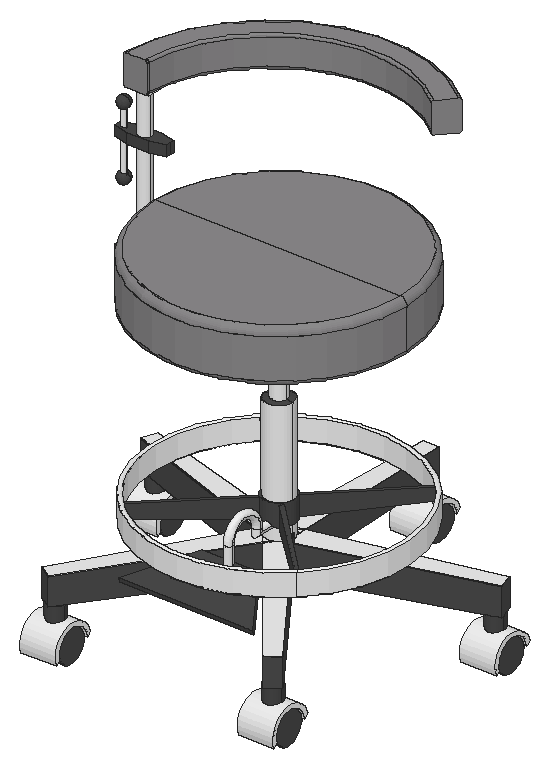
Revit family
Parameters (values of type "Classic Series Stools")
  Upholstery = Upholstery - Midmark - 232 - Shadow
  URL = "http://www.midmark.com"
  Product Page URL = "http://www.midmark.com/en-us/AnimalHealthProducts/Seating/Pages/Midmark278AirLiftSurgeonStool.aspx"
  Product Documentation Link = "http://www.midmark.com/marketing-collateral/007-0558-00.pdf"
  Model = "278"
  Manufacturer = "Midmark"
  Lift Height = Calculated Height - 0' 2"  # 1' - 4"
  Height = 1' - 6"
  Foot Ring Accessory = yes
  Description = "Classic Series Stools"
  Calculated Height = if(Height < 1' 6", 1' 6", if(Height > 2' 0 1/2", 2' 0 1/2", Height))  # 1' - 6"
  Assembly Code = "E2020"
Reference planes
  plane 1 "Center Front/Back": y = 0
  plane 2: z = 0
  plane 3 "Center Left/Right": x = 0
  plane 4: x = -205.003
  plane 5: x = 207.747
  plane 6: z = 130.726
  plane 7: z = 194.226
  plane 8: z = 50.8
  plane 9: z = 457.2
  plane 10: z = 152.4
  plane 11: x = -321.265
  plane 12: y = 348.169
  plane 13 "Front": y = -299.531
  plane 14: x = 326.435
  plane 15: z = 762
  plane 16: through (143.316, -143.316, 1219.2) normal (-0.7071, -0.7071, 0)
  plane 17 "BACK": y = 481.571
  plane 18 "FRONT": y = -402.88
  plane 19 "LEFT": x = -524.465
  plane 20 "RIGHT": x = 524.465
Forms (mm)
  Extrusion 1, solid, material "Chair - Midmark Coarse View", detail levels coarse
    sketch origin (0, 0, 0) x (1, 0, 0) y (0, 0, 1)
      loop
        line (-321.265, 762) -> (-321.265, 0) -> (326.435, 0) -> (326.435, 762) -> (-321.265, 762)
    from -348.169 to 299.531
Lines and regions (mm)
  Masking region 1, detail levels coarse
    outline origin (0, 0, 0) x (1, 0, 0) y (0, 1, 0)
      loop
        line (-321.265, 348.169) -> (-321.265, -299.531) -> (326.435, -299.531) -> (326.435, 348.169) -> (-321.265, 348.169)
  Masking region 2, detail levels coarse
    outline origin (0, 481.571, 0) x (-1, 0, 0) y (0, 0, 1)
      loop
        line (321.265, 762) -> (-326.435, 762) -> (-326.435, 0) -> (321.265, 0) -> (321.265, 762)
  Masking region 3, detail levels coarse
    outline origin (-524.465, 0, 0) x (0, -1, 0) y (0, 0, 1)
      loop
        line (-348.169, 762) -> (-348.169, 0) -> (299.531, 0) -> (299.531, 762) -> (-348.169, 762)
  Masking region 4, detail levels coarse
    outline origin (0, -402.88, 0) x (-1, 0, 0) y (0, 0, 1)
      loop
        line (321.265, 762) -> (-326.435, 762) -> (-326.435, 0) -> (321.265, 0) -> (321.265, 762)
  Masking region 5, detail levels coarse
    outline origin (524.465, 0, 0) x (0, -1, 0) y (0, 0, 1)
      loop
        line (-348.169, 762) -> (-348.169, 0) -> (299.531, 0) -> (299.531, 762) -> (-348.169, 762)
Dimensions and locks
  locked: plane 5 to plane 4 at 412.75
  plane 7 to plane 6 to plane 2 = 0' - 2 1/2", 0' - 5.14669"
  locked: plane 8 to plane 2 at 50.8
  "Calculated Height": plane 9 to plane 2
  locked: plane 10 to plane 2 at 152.4
  locked: plane 11 to plane 14 at 647.7
  "Calculated Height": nested 4 to plane 2
  locked: plane 15 to plane 9 at 304.8
  plane 11 to plane 3 "Center Left/Right" to plane 14 = 1' - 0.64825" locked, 1' - 0.85175" locked
  plane 12 to plane 1 "Center Front/Back" to plane 13 "Front" = 1' - 1.70743" locked, 0' - 11.79257" locked
  locked: plane 4 to plane 3 "Center Left/Right" at 205.003
  locked: plane 16 to nested 3 (angle 45.00°)
  locked: plane 3 "Center Left/Right" to plane 16 (angle 45.00°)
  aligned and locked: level to plane 2
  aligned: plane 3 "Center Left/Right" to nested 3
  aligned and locked: plane 3 "Center Left/Right" to nested 2
  aligned and locked: plane 3 "Center Left/Right" to nested 1
  aligned: plane 2 to nested 3
  aligned and locked: plane 1 "Center Front/Back" to nested 2
  aligned and locked: plane 1 "Center Front/Back" to nested 1
  aligned: nested 3 to plane 3 "Center Left/Right"
  aligned: plane 6 to nested 3
  aligned and locked: plane 1 "Center Front/Back" to nested 5
  aligned and locked: plane 3 "Center Left/Right" to nested 5
  aligned and locked: plane 7 to nested 5
  aligned and locked: plane 2 to nested 3
  aligned and locked: plane 8 to nested 2
  aligned: nested 4 to plane 9  (x4)
  aligned and locked: nested 4 to plane 4
  aligned: plane 1 "Center Front/Back" to nested 6
  aligned and locked: plane 10 to nested 6
  aligned and locked: nested 6 to plane 10
  aligned and locked: Masking region 1 sketch curve to plane 12
  aligned and locked: Masking region 1 sketch curve to plane 11
  aligned and locked: plane 13 "Front" to Masking region 1 sketch curve
  aligned and locked: plane 14 to Masking region 1 sketch curve
  aligned and locked: nested 1 to plane 9
  aligned and locked: nested 4 to plane 1 "Center Front/Back"
  aligned and locked: plane 1 "Center Front/Back" to nested 7
  aligned and locked: plane 3 "Center Left/Right" to nested 7
  aligned and locked: plane 9 to nested 7
  aligned and locked: nested 3 to plane 3 "Center Left/Right"
  aligned and locked: nested 3 to plane 1 "Center Front/Back"
  aligned and locked: plane 11 to Extrusion 1
  aligned and locked: plane 15 to Extrusion 1
  aligned and locked: Extrusion 1 to plane 14
  aligned and locked: Extrusion 1 to plane 2
  aligned and locked: Extrusion 1 to plane 13 "Front"
  aligned and locked: plane 12 to Extrusion 1
  aligned and locked: Masking region 2 sketch curve to plane 15
  aligned and locked: Masking region 2 sketch curve to Extrusion 1
  aligned and locked: plane 2 to Masking region 2 sketch curve
  aligned and locked: plane 14 to Masking region 2 sketch curve
  aligned and locked: Masking region 3 sketch curve to Extrusion 1  (x3)
  aligned and locked: Masking region 3 sketch curve to level
  aligned and locked: plane 16 to nested 6
  aligned and locked: Masking region 4 to plane 11
  aligned and locked: Masking region 4 to plane 15
  aligned and locked: plane 14 to Masking region 4
  aligned and locked: plane 2 to Masking region 4
  aligned and locked: plane 12 to Masking region 3
  aligned and locked: plane 15 to Masking region 3
  aligned and locked: Masking region 3 to plane 13 "Front"
  aligned and locked: Masking region 3 to plane 2
Automatic sketch dimensions
  plane 11 to Extrusion 1 sketch curve = 0' - 0"
  Extrusion 1 sketch curve to level = 0' - 0"
  plane 14 to Extrusion 1 sketch curve = 0' - 0"
  Extrusion 1 sketch curve to plane 15 = 0' - 0"
  plane 14 to Masking region 4 sketch curve = 0' - 0"
  Masking region 4 sketch curve to level = 0' - 0"
  plane 11 to Masking region 4 sketch curve = 0' - 0"
  Masking region 4 sketch curve to plane 15 = 0' - 0"
  Masking region 5 sketch curve to level = 0' - 0"
  Masking region 5 sketch curve to plane 12 = 0' - 0"
  Masking region 5 sketch curve to plane 13 "Front" = 0' - 0"
  Masking region 5 sketch curve to plane 15 = 0' - 0"
Nested families
  nested 1: "Round Cushion" at (0, 0, 457.2), type "Round Cushion"
  nested 2: "Hydralic Lift Chrome and Black" at (0, 0, 50.8), type "Hydralic Lift Chrome and Black"
    with Height 1' - 4"
  nested 3: "Feet Black Aluminum" at (0, 0, 0) x (-1, 0, 0) z (0, 0, 1), type "Feet Black Aluminum"
  nested 4: "Swing Arm Rest" at (-1.959, -15.681, 442.12), type "Swing Arm Rest"
  nested 5: "Foot Pedal" at (0, -91.168, 103.333), type "Foot Pedal"
  nested 6: "Foot Ring" at (0, 0, 151.102) x (0.7071, -0.7071, 0) z (0, 0, 1), type "Foot Ring"
  nested 7: "Air Lift No Lever" at (0, 0, 419.1), type "Air Lift No Lever"
Definition of nested family "Round Cushion"
  Parameters (values of type "Round Cushion")
    Upholstery = Upholstery - Midmark - 232 - Shadow
    Assembly Code = ""
  Reference planes
    plane 1 "Center Front/Back": y = 0
    plane 2: z = 0
    plane 3 "Center Left/Right": x = 0
    plane 4: x = -205.668
    plane 5: z = 82.55
    plane 6: x = 205.56
    plane 7: y = 204.634
    plane 8: y = -206.222
    plane 9: z = 0
  Forms (mm)
    Revolve 1, solid, material "Upholstery - Midmark - 232 - Shadow" <- "Upholstery"
      sketch origin (-0.175, -0.494, -584.2) x (1, 0, 0) y (0, 0, 1)
        loop
          arc (-205.003, 590.55) -> (-203.143, 586.06) -> (-198.653, 584.2) r 6.35
          line (-198.653, 584.2) -> (0, 584.2) -> (0, 666.75) -> (-196.111, 666.75)
          arc (-196.111, 666.75) -> (-202.559, 661.802) -> (-205.003, 654.05) r 13.515
          line (-205.003, 654.05) -> (-205.003, 590.55)
        axis (0, 666.75) -> (0, 584.2)
      angle from 0 to 360
  Lines and regions (mm)
    Masking region 1, detail levels medium+fine
      outline origin (0, 0, 0) x (1, 0, 0) y (0, 0, 1)
        loop
          arc (-205.668, 5.695) -> (-204, 1.668) -> (-199.973, 0) r 5.695
          line (-199.973, 0) -> (0, 0) -> (199.866, 0)
          arc (199.866, 0) -> (203.892, 1.668) -> (205.56, 5.695) r 5.695
          line (205.56, 5.695) -> (205.56, 69.195)
          arc (205.56, 69.195) -> (202.986, 77.35) -> (196.197, 82.55) r 14.206
          line (196.197, 82.55) -> (-0.175, 82.55) -> (-196.304, 82.55)
          arc (-196.304, 82.55) -> (-203.094, 77.35) -> (-205.668, 69.195) r 14.206
          line (-205.668, 69.195) -> (-205.668, 5.695)
    Masking region 2, detail levels coarse
      outline origin (-0.813, 0, 0) x (1, 0, 0) y (0, 0, 1)
        loop
          line (-204.856, 0) -> (206.373, 0) -> (206.373, 82.55) -> (-204.856, 82.55) -> (-204.856, 0)
    Masking region 3, detail levels coarse
      outline origin (0, 0, 0) x (0, 1, 0) y (0, 0, 1)
        loop
          line (204.634, 82.55) -> (-205.874, 82.55) -> (-205.874, 0) -> (204.634, 0) -> (204.634, 82.55)
    Masking region 4, detail levels medium+fine
      outline origin (0, 0, 0) x (0, 1, 0) y (0, 0, 1)
        loop
          line (195.728, 82.55) -> (-196.521, 82.55)
          arc (-196.521, 82.55) -> (-203.199, 79.052) -> (-205.874, 72.004) r 10.623
          line (-205.874, 72.004) -> (-205.874, 5.615)
          arc (-205.874, 5.615) -> (-204.069, 1.484) -> (-199.812, 0) r 5.632
          line (-199.812, 0) -> (199.019, 0)
          arc (199.019, 0) -> (202.989, 1.645) -> (204.634, 5.615) r 5.615
          line (204.634, 5.615) -> (204.634, 71.936)
          arc (204.634, 71.936) -> (201.67, 78.492) -> (195.728, 82.55) r 13.318
    Masking region 5, detail levels coarse
      outline origin (0, 0, 0) x (1, 0, 0) y (0, 1, 0)
        loop
          line (203.2, -205.563) -> (203.2, 203.2) -> (-203.2, 203.2) -> (-203.2, -205.563) -> (203.2, -205.563)
    Masking region 6, detail levels medium+fine
      outline origin (0, 0, 0) x (1, 0, 0) y (0, 1, 0)
        loop
          circle (0, 0) r 203.2
    symbolic lines, detail levels fine
      curve 1: circle (0, 0, 0) r 196.285 normal (0, 0, 1)
  Dimensions and locks
    aligned and locked: level to plane 2
Definition of nested family "Hydralic Lift Chrome and Black"
  Parameters (values of type "Hydralic Lift Chrome and Black")
    Top Lift Material = Chair - Midmark - Chrome
    Middle Lift Material = Chair - Midmark - Black Plastic
    Height = 1' - 10"
    Bottom Lift Material = Chair - Midmark - Chrome
    Assembly Code = ""
  Reference planes
    plane 1 "Center Front/Back": y = 0
    plane 2: z = 0
    plane 3 "Center Left/Right": x = 0
    plane 4: x = -22.257
    plane 5: x = 22.193
    plane 6: z = 558.8
    plane 7: y = 22.268
    plane 8: y = -22.182
    plane 9: z = 0
    plane 10 "Caster Instalation Point": z = 82.55
    plane 11: z = 276.783
    plane 12 "Front": y = -42.04
    plane 13 "Back": y = 34.103
    plane 14 "Left": x = -33.527
    plane 15 "Right": x = 33.527
  Forms (mm)
    Revolve 1, solid, material "Chair - Midmark - Chrome" <- "Bottom Lift Material"
      sketch origin (-0.032, 0.043, -50.8) x (1, 0, 0) y (0, 0, 1)
        loop
          line (0, 50.8) -> (0, 325.532) -> (-22.225, 325.532) -> (-22.225, 50.8) -> (0, 50.8)
        axis (0, 50.8) -> (0, 325.532)
      angle from 0 to 360
    Revolve 2, solid, material "Chair - Midmark - Chrome" <- "Top Lift Material"
      sketch origin (-0.032, 0.043, -50.8) x (1, 0, 0) y (0, 0, 1)
        loop
          line (-12.7, 327.583) -> (0, 327.583) -> (0, 609.6) -> (-12.7, 609.6) -> (-12.7, 327.583)
        axis (0, 609.6) -> (0, 327.583)
      angle from 0 to 360
    Revolve 3, solid, material "Chair - Midmark - Black Plastic" <- "Middle Lift Material"
      sketch origin (0, 0, 0) x (1, 0, 0) y (0, 0, 1)
        loop
          line (-12.732, 276.783) -> (-22.257, 274.732) -> (-0.032, 274.732) -> (-0.032, 276.783) -> (-12.732, 276.783)
        axis (-0.032, 276.783) -> (-0.032, 274.732)
      angle from 0 to 360
  Lines and regions (mm)
    Masking region 1, detail levels medium+fine
      outline origin (0, -42.04, 0) x (-1, 0, 0) y (0, 0, 1)
        loop
          line (22.257, 0) -> (22.257, 274.732) -> (12.732, 276.783) -> (12.732, 558.8) -> (-12.668, 558.8) -> (-12.668, 276.796) -> (-22.193, 274.746) -> (-22.193, 0) -> (22.257, 0)
    Masking region 2, detail levels coarse
      outline origin (0, -42.04, 0) x (-1, 0, 0) y (0, 0, 1)
        loop
          line (-22.193, 558.8) -> (-22.193, 0) -> (22.257, 0) -> (22.257, 558.8) -> (-22.193, 558.8)
    Masking region 3, detail levels coarse
      outline origin (-33.527, 0, 0) x (0, -1, 0) y (0, 0, 1)
        loop
          line (-22.268, 0) -> (22.182, 0) -> (22.182, 558.8) -> (-22.268, 558.8) -> (-22.268, 0)
    Masking region 4, detail levels medium+fine
      outline origin (-33.527, 0, 0) x (0, -1, 0) y (0, 0, 1)
        loop
          line (-22.268, 0) -> (22.182, 0) -> (22.182, 274.664) -> (12.657, 276.715) -> (12.657, 558.8) -> (-12.743, 558.8) -> (-12.743, 276.696) -> (-22.268, 274.645) -> (-22.268, 0)
    Masking region 5, detail levels coarse
      outline origin (0, 0, 0) x (1, 0, 0) y (0, 1, 0)
        loop
          line (22.193, 22.268) -> (-22.257, 22.268) -> (-22.257, -22.182) -> (22.193, -22.182) -> (22.193, 22.268)
    Masking region 6, detail levels medium+fine
      outline origin (0, 0, 0) x (1, 0, 0) y (0, 1, 0)
        loop
          circle (0, 0) r 22.257
    Masking region 7, detail levels coarse
      outline origin (133.35, 34.103, 0) x (-1, 0, 0) y (0, 0, 1)
        loop
          line (111.157, 558.8) -> (111.157, 0) -> (155.607, 0) -> (155.607, 558.8) -> (111.157, 558.8)
    Masking region 8, detail levels coarse
      outline origin (33.527, -177.8, 0) x (0, -1, 0) y (0, 0, 1)
        loop
          line (-200.068, 0) -> (-155.618, 0) -> (-155.618, 558.8) -> (-200.068, 558.8) -> (-200.068, 0)
    symbolic lines, detail levels fine
      curve 1: line (-33.527, 22.291, 274.732) -> (-33.527, -22.182, 274.732)
      curve 2: line (-22.257, -42.04, 274.732) -> (22.193, -42.04, 274.732)
      curve 3: line (-12.732, -42.04, 276.783) -> (12.668, -42.04, 276.783)
      curve 4: line (0, 12.743, 276.783) -> (0, -12.657, 276.783)
      curve 5: circle (0, 0, 0) r 12.7 normal (0, 0, 1)
      curve 6: line (-22.257, 34.103, 274.732) -> (22.193, 34.103, 274.732)
      curve 7: line (-12.732, 34.103, 276.783) -> (12.668, 34.103, 276.783)
      curve 8: line (33.527, 22.291, 274.732) -> (33.527, -22.182, 274.732)
  Dimensions and locks
    "Height": plane 6 to plane 9
    locked: plane 10 "Caster Instalation Point" to plane 9 at 82.55
    locked: plane 11 to plane 10 "Caster Instalation Point" at 194.233
    plane 11 to Revolve 1 = 0' - 0.08073"
    aligned and locked: level to plane 2
    aligned and locked: plane 9 to level
    aligned: Revolve 2 to plane 11  (x2)
    aligned and locked: Revolve 2 to plane 11
    aligned and locked: Revolve 1 to Revolve 3
  Automatic sketch dimensions
    plane 1 "Center Front/Back" to curve 5 = 0' - 0"
    curve 5 to plane 3 "Center Left/Right" = 0' - 0"
    Masking region 5 sketch curve to plane 4 = 0' - 0"
    Masking region 5 sketch curve to plane 5 = 0' - 0"
    Masking region 5 sketch curve to plane 8 = 0' - 0"
    Masking region 5 sketch curve to plane 7 = 0' - 0"
    plane 1 "Center Front/Back" to Masking region 6 sketch curve = 0' - 0"
    Masking region 6 sketch curve to plane 3 "Center Left/Right" = 0' - 0"
    plane 5 to Masking region 2 sketch curve = 0' - 0"
    Masking region 2 sketch curve to level = 0' - 0"
    Masking region 2 sketch curve to plane 4 = 0' - 0"
    Masking region 2 sketch curve to plane 6 = 0' - 0"
    Masking region 7 sketch curve to plane 6 = 0' - 0"
    Masking region 7 sketch curve to level = 0' - 0"
    Masking region 7 sketch curve to plane 14 "Left" = 0' - 2.19371"
    Masking region 7 sketch curve to Masking region 7 sketch curve = 0' - 1 3/4"
    Masking region 3 sketch curve to plane 6 = 0' - 0"
    Masking region 3 sketch curve to plane 7 = 0' - 0"
    Masking region 3 sketch curve to plane 8 = 0' - 0"
    Masking region 3 sketch curve to level = 0' - 0"
    Masking region 8 sketch curve to plane 6 = 0' - 0"
    Masking region 8 sketch curve to level = 0' - 0"
    plane 13 "Back" to Masking region 8 sketch curve = 0' - 0.46592"
    Masking region 8 sketch curve to Masking region 8 sketch curve = 0' - 1 3/4"
    curve 4 to plane 11 = 0' - 0"
    plane 8 to curve 4 = 0' - 0 3/8"
    curve 4 to plane 7 = 0' - 0 3/8"
    Revolve 1 sketch curve to level = 0' - 0"  (x2)
    plane 4 to Revolve 1 sketch curve = 0' - 0"
    Revolve 1 sketch curve to plane 3 "Center Left/Right" = 0' - 0.00126"
    Revolve 1 sketch curve to Revolve 1 sketch curve = 0' - 0"
    Revolve 1 sketch curve to plane 11 = 0' - 0.89696"
    Revolve 1 sketch curve to plane 11 = 0' - 0.08073"
    Revolve 2 sketch curve to plane 6 = 0' - 0"  (x2)
    Revolve 2 sketch curve to plane 11 = 0' - 0"
    Revolve 2 sketch curve to plane 4 = 0' - 0 3/8"
    Revolve 2 sketch curve to plane 3 "Center Left/Right" = 0' - 0.00126"
    Revolve 2 sketch curve to Revolve 2 sketch curve = 0' - 0"
    Revolve 2 sketch curve to Revolve 2 sketch curve = 0' - 2.14696"
    plane 5 to Masking region 1 sketch curve = 0' - 0"
    Masking region 1 sketch curve to plane 6 = 0' - 0"
    Masking region 1 sketch curve to plane 11 = 0' - 0"
    plane 4 to Masking region 1 sketch curve = 0' - 0"
    Masking region 1 sketch curve to level = 0' - 0"
    plane 11 to Masking region 1 sketch curve = 0' - 0.00054"
    plane 5 to Masking region 1 sketch curve = 0' - 0 3/8"
    Masking region 1 sketch curve to plane 4 = 0' - 0 3/8"
    Masking region 1 sketch curve to plane 11 = 0' - 0.08073"
    Masking region 1 sketch curve to plane 11 = 0' - 0.08019"
    Masking region 4 sketch curve to level = 0' - 0"
    Masking region 4 sketch curve to plane 7 = 0' - 0"
    Masking region 4 sketch curve to plane 6 = 0' - 0"
    Masking region 4 sketch curve to plane 11 = 0' - 0.0034"
    Masking region 4 sketch curve to plane 7 = 0' - 0 3/8"
    Masking region 4 sketch curve to plane 11 = 0' - 0.00266"
    plane 8 to Masking region 4 sketch curve = 0' - 0 3/8"
    Masking region 4 sketch curve to plane 8 = 0' - 0"
    Masking region 4 sketch curve to plane 11 = 0' - 0.08343"
    Masking region 4 sketch curve to plane 11 = 0' - 0.08417"
    plane 4 to Revolve 3 sketch curve = 0' - 0"
    Revolve 3 sketch curve to plane 11 = 0' - 0"  (x2)
    Revolve 3 sketch curve to plane 4 = 0' - 0 3/8"
    Revolve 3 sketch curve to plane 3 "Center Left/Right" = 0' - 0.00126"
    Revolve 3 sketch curve to Revolve 3 sketch curve = 0' - 0"
    Revolve 3 sketch curve to plane 11 = 0' - 0.08073"
    Revolve 3 sketch curve to Revolve 3 sketch curve = 0' - 0.91927"
    plane 5 to curve 2 = 0' - 0"
    curve 3 to plane 11 = 0' - 0"
    plane 4 to curve 2 = 0' - 0"
    plane 5 to curve 3 = 0' - 0 3/8"
    curve 3 to plane 4 = 0' - 0 3/8"
    curve 2 to plane 11 = 0' - 0.08073"
    plane 5 to curve 6 = 0' - 0"
    curve 7 to plane 11 = 0' - 0"
    plane 4 to curve 6 = 0' - 0"
    curve 7 to plane 5 = 0' - 0 3/8"
    plane 4 to curve 7 = 0' - 0 3/8"
    plane 11 to curve 6 = 0' - 0.08073"
    curve 1 to plane 8 = 0' - 0"
    plane 7 to curve 1 = 0' - 0.00088"
    curve 1 to plane 11 = 0' - 0.08073"
    curve 8 to plane 8 = 0' - 0"
    curve 8 to plane 7 = 0' - 0.00088"
    plane 11 to curve 8 = 0' - 0.08073"
    radius of curve 5 = 0' - 0 1/2"
    radius of Masking region 6 sketch curve = 0' - 0.87625"
Definition of nested family "Feet Black Aluminum"
  Parameters (values of type "Feet Black Aluminum")
    Feet Material = Chair - Midmark - Black Aluminum
    Assembly Code = ""
  Reference planes
    plane 1 "Center Front/Back": y = 0
    plane 2: z = 0
    plane 3 "Center Left/Right": x = 0
    plane 4: z = 79.926
    plane 5: x = -307.84
    plane 6: x = 301.49
    plane 7: z = 130.726
    plane 8: y = 276.328
    plane 9: y = -325.898
    plane 10: z = 0
    plane 11 "Left": x = -321.922
    plane 12 "Front": y = -343.724
    plane 13 "Back": y = 292.924
    plane 14 "Right": x = 315.572
  Forms (mm)
    Blend 1, solid, material "Chair - Midmark - Black Aluminum" <- "Feet Material"
      base sketch origin (-0.508, 0.292, 69.072) x (0.999996, 0.002747, 0) y (0, 0, 1)
        loop
          line (18.095, 61.654) -> (-20.005, 61.654) -> (-20.005, 10.854) -> (18.095, 10.854) -> (18.095, 61.654)
      top sketch origin (-0.508, 0.292, 69.072) x (0.999996, 0.002747, 0) y (0, 0, 1)
        loop
          line (-12.861, 10.854) -> (12.539, 10.854) -> (12.539, 55.304) -> (-12.861, 55.304) -> (-12.861, 10.854)
      from 0 to 304.8
    Blend 2, solid, material "Chair - Midmark - Black Aluminum" <- "Feet Material"
      base sketch origin (0.128, 0.349, 69.072) x (0.331216, 0.943555, 0) y (0, 0, 1)
        loop
          line (18.095, 61.654) -> (-20.005, 61.654) -> (-20.005, 10.854) -> (18.095, 10.854) -> (18.095, 61.654)
      top sketch origin (0.128, 0.349, 69.072) x (0.331216, 0.943555, 0) y (0, 0, 1)
        loop
          line (-12.861, 10.854) -> (12.539, 10.854) -> (12.539, 55.304) -> (-12.861, 55.304) -> (-12.861, 10.854)
      from 0 to 304.8
    Blend 3, solid, material "Chair - Midmark - Black Aluminum" <- "Feet Material"
      base sketch origin (-0.022, -1.221, 69.072) x (0.286648, -0.958036, 0) y (0, 0, 1)
        loop
          line (18.095, 61.654) -> (-20.005, 61.654) -> (-20.005, 10.854) -> (18.095, 10.854) -> (18.095, 61.654)
      top sketch origin (-0.022, -1.221, 69.072) x (0.286648, -0.958036, 0) y (0, 0, 1)
        loop
          line (-12.861, 10.854) -> (12.539, 10.854) -> (12.539, 55.304) -> (-12.861, 55.304) -> (-12.861, 10.854)
      from 0 to 304.8
    Blend 4, solid, material "Chair - Midmark - Black Aluminum" <- "Feet Material"
      base sketch origin (0.866, -0.378, 69.072) x (0.822567, -0.568668, 0) y (0, 0, -1)
        loop
          line (18.095, -61.654) -> (18.095, -10.854) -> (-20.005, -10.854) -> (-20.005, -61.654) -> (18.095, -61.654)
      top sketch origin (0.866, -0.378, 69.072) x (0.822567, -0.568668, 0) y (0, 0, -1)
        loop
          line (-12.861, -10.854) -> (-12.861, -55.304) -> (12.539, -55.304) -> (12.539, -10.854) -> (-12.861, -10.854)
      from 0 to 304.8
    Blend 5, solid, material "Chair - Midmark - Black Aluminum" <- "Feet Material"
      base sketch origin (0.664, 0.775, 69.072) x (0.795022, 0.60658, 0) y (0, 0, -1)
        loop
          line (18.095, -61.654) -> (18.095, -10.854) -> (-20.005, -10.854) -> (-20.005, -61.654) -> (18.095, -61.654)
      top sketch origin (0.664, 0.775, 69.072) x (0.795022, 0.60658, 0) y (0, 0, -1)
        loop
          line (-12.861, -10.854) -> (-12.861, -55.304) -> (12.539, -55.304) -> (12.539, -10.854) -> (-12.861, -10.854)
      from 0 to 304.8
    Blend 6, solid, material "Chair - Midmark - Chrome"
      base sketch origin (0.25, -304.8, 0) x (-1, 0, 0) y (0, 0, 1)
        loop
          line (-12.532, 124.376) -> (12.868, 124.376) -> (12.868, 125.249) -> (-12.532, 125.249) -> (-12.532, 124.376)
      top sketch origin (0.25, -304.8, 0) x (-1, 0, 0) y (0, 0, 1)
        loop
          line (-17.437, 130.726) -> (20.663, 130.726) -> (20.663, 131.535) -> (-17.437, 131.535) -> (-17.437, 130.726)
      from 0 to 289.218
    Blend 7, solid, material "Chair - Midmark - Chrome"
      base sketch origin (-291.711, -88.722, 0) x (-0.284015, 0.95882, 0) y (0, 0, 1)
        loop
          line (-12.532, 124.376) -> (12.868, 124.376) -> (12.868, 125.249) -> (-12.532, 125.249) -> (-12.532, 124.376)
      top sketch origin (-291.711, -88.722, 0) x (-0.284015, 0.95882, 0) y (0, 0, 1)
        loop
          line (-17.437, 130.726) -> (20.663, 130.726) -> (20.663, 131.535) -> (-17.437, 131.535) -> (-17.437, 130.726)
      from 0 to 292.036
    Blend 8, solid, material "Chair - Midmark - Chrome"
      base sketch origin (287.687, -100.941, 0) x (0.325568, 0.945519, 0) y (0, 0, -1)
        loop
          line (-12.532, -124.376) -> (-12.532, -125.249) -> (12.868, -125.249) -> (12.868, -124.376) -> (-12.532, -124.376)
      top sketch origin (287.687, -100.941, 0) x (0.325568, 0.945519, 0) y (0, 0, -1)
        loop
          line (-17.437, -130.726) -> (-17.437, -131.535) -> (20.663, -131.535) -> (20.663, -130.726) -> (-17.437, -130.726)
      from 0 to 289.354
    Blend 9, solid, material "Chair - Midmark - Chrome"
      base sketch origin (172.55, 250.477, 0) x (0.82314, -0.567839, 0) y (0, 0, 1)
        loop
          line (-12.532, 124.376) -> (12.868, 124.376) -> (12.868, 125.249) -> (-12.532, 125.249) -> (-12.532, 124.376)
      top sketch origin (172.55, 250.477, 0) x (0.82314, -0.567839, 0) y (0, 0, 1)
        loop
          line (-17.437, 130.726) -> (20.663, 130.726) -> (20.663, 131.535) -> (-17.437, 131.535) -> (-17.437, 130.726)
      from 0 to 293.919
    Blend 10, solid, material "Chair - Midmark - Chrome"
      base sketch origin (-184.437, 242.837, 0) x (0.798726, 0.601694, 0) y (0, 0, 1)
        loop
          line (-12.532, 124.376) -> (12.868, 124.376) -> (12.868, 125.249) -> (-12.532, 125.249) -> (-12.532, 124.376)
      top sketch origin (-184.437, 242.837, 0) x (0.798726, 0.601694, 0) y (0, 0, 1)
        loop
          line (-17.437, 130.726) -> (20.663, 130.726) -> (20.663, 131.535) -> (-17.437, 131.535) -> (-17.437, 130.726)
      from 0 to 294.082
  Lines and regions (mm)
    Masking region 1, detail levels coarse
      outline origin (0, -343.724, 0) x (-1, 0, 0) y (0, 0, 1)
        loop
          line (307.84, 132.122) -> (-301.49, 132.122) -> (-301.49, 0) -> (307.84, 0) -> (307.84, 132.122)
    Masking region 2, detail levels coarse
      outline origin (-321.922, 0, 0) x (0, 1, 0) y (0, 0, 1)
        loop
          line (276.328, 131.79) -> (-325.898, 131.79) -> (-325.898, 0) -> (276.328, 0) -> (276.328, 131.79)
    Masking region 3, detail levels coarse
      outline origin (0, 0, 0) x (1, 0, 0) y (0, 1, 0)
        loop
          line (-307.84, 276.328) -> (-307.84, -325.898) -> (301.49, -325.898) -> (301.49, 276.328) -> (-307.84, 276.328)
    Masking region 4, detail levels medium+fine
      outline origin (0, 0, 0) x (1, 0, 0) y (0, 0, 1)
        loop
          line (-286.858, 0) -> (-286.858, 11.788) -> (-271.942, 11.788) -> (-271.942, 0) -> (-253.733, 0) -> (-253.733, 11.788) -> (-250.96, 11.788) -> (-250.96, 59.788) -> (-265.176, 59.788) -> (-265.176, 79.926) -> (-191.854, 79.926) -> (-191.854, 59.788) -> (-206.24, 59.788) -> (-206.24, 11.788) -> (-203.467, 11.788) -> (-203.467, 0) -> (-185.258, 0) -> (-185.258, 11.788) -> (-170.342, 11.788) -> (-170.342, 0) -> (-152.133, 0) -> (-152.133, 11.788) -> (-149.36, 11.788) -> (-149.36, 59.788) -> (-163.576, 59.788) -> (-163.576, 79.926) -> (-14.054, 79.926) -> (-14.054, 59.788) -> (-28.44, 59.788) -> (-28.44, 11.788) -> (-25.667, 11.788) -> (-25.667, 0) -> (-7.458, 0) -> (-7.458, 11.788) -> (7.458, 11.788) -> (7.458, 0) -> (25.667, 0) -> (25.667, 11.788) -> (28.44, 11.788) -> (28.44, 59.788) -> (14.224, 59.788) -> (14.224, 79.926) -> (150.816, 79.926) -> (150.816, 59.788) -> (136.66, 59.788) -> (136.66, 11.788) -> (139.433, 11.788) -> (139.433, 0) -> (157.642, 0) -> (157.642, 11.788) -> (172.558, 11.788) -> (172.558, 0) -> (190.767, 0) -> (190.767, 11.788) -> (193.54, 11.788) -> (193.54, 59.788) -> (179.324, 59.788) -> (179.324, 79.926) -> (258.996, 79.926) -> (258.996, 59.788) -> (244.61, 59.788) -> (244.61, 11.788) -> (247.383, 11.788) -> (247.383, 0) -> (265.592, 0) -> (265.592, 11.788) -> (280.508, 11.788) -> (280.508, 0) -> (298.717, 0) -> (298.717, 11.788) -> (301.49, 11.788) -> (301.49, 59.788) -> (287.274, 59.788) -> (287.274, 79.926) -> (291.877, 79.926) -> (291.877, 124.376) -> (17.419, 130.475) -> (-19.509, 130.475) -> (-295.718, 124.376) -> (-295.718, 79.926) -> (-293.454, 79.926) -> (-293.454, 59.788) -> (-307.84, 59.788) -> (-307.84, 11.788) -> (-305.067, 11.788) -> (-305.067, 0) -> (-286.858, 0)
    Masking region 5, detail levels medium+fine
      outline origin (0, 0, 0) x (0, 1, 0) y (0, 0, 1)
        loop
          arc (273.843, 11.788) -> (273.595, 38.315) -> (254.83, 57.066) r 35.04
          line (254.83, 57.066) -> (254.83, 79.926) -> (257.654, 79.926) -> (257.769, 123.889) -> (-0.085, 130.528) -> (-307.038, 124.132) -> (-307.038, 56.341)
          arc (-307.038, 56.341) -> (-319.063, 46.863) -> (-325.898, 33.162) r 35.04
          line (-325.898, 33.162) -> (-317.256, 24.521)
          arc (-317.256, 24.521) -> (-294.353, 0.121) -> (-267.142, 19.602) r 25.4
          line (-267.142, 19.602) -> (-259.328, 11.788)
          arc (-259.328, 11.788) -> (-259.608, 38.391) -> (-278.494, 57.129) r 35.04
          line (-278.494, 57.129) -> (-278.494, 79.926) -> (-110.107, 79.926) -> (-110.107, 56.488)
          arc (-110.107, 56.488) -> (-122.333, 46.995) -> (-129.276, 33.162) r 35.04
          line (-129.276, 33.162) -> (-120.6, 24.486)
          arc (-120.6, 24.486) -> (-110.532, 5.12) -> (-89.124, 0.865) r 25.216
          arc (-89.124, 0.865) -> (-69.505, 3.606) -> (-57.821, 19.602) r 25.4
          line (-57.821, 19.602) -> (-50.007, 11.788)
          arc (-50.007, 11.788) -> (-50.23, 38.256) -> (-68.902, 57.016) r 35.04
          line (-68.902, 57.016) -> (-68.902, 79.926) -> (219.857, 79.926) -> (219.857, 56.376)
          arc (219.857, 56.376) -> (207.785, 46.894) -> (200.924, 33.162) r 35.04
          line (200.924, 33.162) -> (209.55, 25.4)
          arc (209.55, 25.4) -> (219.414, 5.144) -> (241.348, 0) r 26.245
          arc (241.348, 0) -> (255.063, 4.054) -> (264.357, 14.924) r 25.176
          line (264.357, 14.924) -> (267.493, 11.788)
          arc (267.493, 11.788) -> (268.173, 14.319) -> (268.759, 16.872) r 71.05
          line (268.759, 16.872) -> (273.843, 11.788)
    Masking region 6, detail levels medium+fine
      outline origin (0, 0, 0) x (1, 0, 0) y (0, 1, 0)
        loop
          line (28.44, -325.898) -> (28.44, -257.036) -> (14.224, -257.036) -> (17.176, -26.219) -> (244.61, -100.116) -> (244.61, -129.276) -> (301.49, -129.276) -> (301.76, -60.497) -> (244.61, -60.497) -> (244.888, -71.312) -> (28.817, 8.989) -> (160.622, 207.274) -> (193.54, 207.274) -> (193.54, 276.053) -> (136.66, 276.053) -> (136.877, 221.872) -> (-0.385, 31.235) -> (-149.09, 218.941) -> (-149.09, 269.978) -> (-206.24, 269.978) -> (-206.24, 200.924) -> (-169.473, 200.924) -> (-30.653, 9.855) -> (-250.96, -61.727) -> (-250.96, -47.522) -> (-307.84, -47.522) -> (-307.84, -116.576) -> (-250.96, -116.576) -> (-250.96, -90.131) -> (-19.838, -25.543) -> (-13.781, -256.844) -> (-28.44, -256.844) -> (-28.44, -325.898) -> (28.44, -325.898)
    symbolic lines, detail levels fine
      curve 1: line (283.464, 0, 79.926) -> (283.464, 0, 124.376)
      curve 2: line (-288.437, 0, 79.926) -> (-288.437, 0, 124.376)
      curve 3: line (-307.84, 0, 27.686) -> (-250.96, 0, 27.686)
      curve 4: line (-307.84, 0, 33.162) -> (-250.96, 0, 33.162)
      curve 5: line (-271.942, 0, 27.686) -> (-271.832, 0, 11.622)
      curve 6: line (-286.858, 0, 27.686) -> (-286.858, 0, 11.788)
      curve 7: line (-307.84, 0, 16.782) -> (-305.067, 0, 16.782)
      curve 8: line (-286.858, 0, 16.782) -> (-271.868, 0, 16.782)
      curve 9: line (-253.733, 0, 16.782) -> (-250.96, 0, 16.782)
      curve 10: line (-206.24, 0, 27.686) -> (-149.36, 0, 27.686)
      curve 11: line (-206.24, 0, 33.162) -> (-149.36, 0, 33.162)
      curve 12: line (-170.342, 0, 27.686) -> (-170.232, 0, 11.622)
      curve 13: line (-185.258, 0, 27.686) -> (-185.258, 0, 11.788)
      curve 14: line (-206.24, 0, 16.782) -> (-203.467, 0, 16.782)
      curve 15: line (-185.258, 0, 16.782) -> (-170.268, 0, 16.782)
      curve 16: line (-152.133, 0, 16.782) -> (-149.36, 0, 16.782)
      curve 17: line (-28.44, 0, 27.686) -> (28.44, 0, 27.686)
      curve 18: line (-28.44, 0, 33.162) -> (28.44, 0, 33.162)
      curve 19: line (7.458, 0, 27.686) -> (7.568, 0, 11.622)
      curve 20: line (-7.458, 0, 27.686) -> (-7.458, 0, 11.788)
      curve 21: line (-28.44, 0, 16.782) -> (-25.667, 0, 16.782)
      curve 22: line (-7.458, 0, 16.782) -> (7.532, 0, 16.782)
      curve 23: line (25.667, 0, 16.782) -> (28.44, 0, 16.782)
      curve 24: line (136.66, 0, 27.686) -> (193.54, 0, 27.686)
      curve 25: line (136.66, 0, 33.162) -> (193.54, 0, 33.162)
      curve 26: line (172.558, 0, 27.686) -> (172.668, 0, 11.622)
      curve 27: line (157.642, 0, 27.686) -> (157.642, 0, 11.788)
      curve 28: line (136.66, 0, 16.782) -> (139.433, 0, 16.782)
      curve 29: line (157.642, 0, 16.782) -> (172.632, 0, 16.782)
      curve 30: line (190.767, 0, 16.782) -> (193.54, 0, 16.782)
      curve 31: line (244.61, 0, 27.686) -> (301.49, 0, 27.686)
      curve 32: line (244.61, 0, 33.162) -> (301.49, 0, 33.162)
      curve 33: line (280.508, 0, 27.686) -> (280.618, 0, 11.622)
      curve 34: line (265.592, 0, 27.686) -> (265.592, 0, 11.788)
      curve 35: line (244.61, 0, 16.782) -> (247.383, 0, 16.782)
      curve 36: line (265.592, 0, 16.782) -> (280.582, 0, 16.782)
      curve 37: line (298.717, 0, 16.782) -> (301.49, 0, 16.782)
      curve 55: line (-12.532, -304.542, 0) -> (12.868, -304.542, 0)
      curve 56: line (12.868, -304.542, 0) -> (13.606, -256.874, 0)
      curve 57: line (-13.78, -256.882, 0) -> (-12.532, -304.542, 0)
      curve 58: line (244.61, -100.116, 0) -> (283.464, -112.741, 0)
      curve 59: line (283.464, -112.741, 0) -> (291.877, -88.774, 0)
      curve 60: line (291.877, -88.774, 0) -> (244.259, -71.078, 0)
      curve 61: line (136.66, 220.552, 0) -> (163.616, 257.654, 0)
      curve 62: line (163.616, 257.654, 0) -> (184.769, 243.593, 0)
      curve 63: line (184.769, 243.593, 0) -> (160.76, 207.482, 0)
      curve 64: line (-169.473, 200.924, 0) -> (-194.446, 235.297, 0)
      curve 65: line (-194.446, 235.297, 0) -> (-174.537, 251.069, 0)
      curve 66: line (-174.537, 251.069, 0) -> (-149.683, 219.697, 0)
      curve 67: line (-250.96, -90.131, 0) -> (-287.461, -101.052, 0)
      curve 68: line (-287.461, -101.052, 0) -> (-295.31, -76.895, 0)
      curve 69: line (-295.31, -76.895, 0) -> (-250.96, -62.485, 0)
      curve 70: line (0, 248.493, 57.06) -> (0, 248.493, 79.926)
      curve 71: line (0, 248.493, 79.926) -> (0, 250.704, 79.926)
      curve 72: line (0, 250.704, 79.926) -> (0, 250.704, 124.376)
      curve 73: line (0, 235.297, 79.926) -> (0, 235.297, 124.376)
      curve 74: line (0, -76.269, 79.926) -> (0, -76.269, 124.376)
      curve 75: line (0, -76.269, 124.376) -> (0, 12.429, 130.354)
      curve 76: line (0, -76.269, 124.376) -> (0, -100.604, 124.376)
      curve 77: line (0, -100.604, 124.376) -> (0, -18.758, 130.71)
      curve 78: line (0, -100.604, 124.376) -> (0, -100.604, 79.926)
      curve 79: line (0, -278.494, 57.129) -> (0, -278.494, 79.926)
      curve 80: line (0, -304.472, 79.926) -> (0, 254.83, 79.926)
      curve 81: arc (0, -291.871, 0) -> (0, -273.911, 43.361) -> (0, -317.271, 25.4) r 25.4
      curve 82: arc (0, -320.422, 27.686) -> (0, -286.409, 52.911) -> (0, -264.322, 16.782) r 28.69
      curve 83: arc (0, -306.755, 56.475) -> (0, -267.854, 50.25) -> (0, -259.328, 11.788) r 35.04
      curve 84: line (0, -110.107, 79.926) -> (0, -110.107, 56.488)
      curve 85: line (0, -97.507, 79.926) -> (0, -97.507, 56.441)
      curve 86: line (0, -68.902, 79.926) -> (0, -68.902, 57.016)
      curve 87: circle (0, -82.55, 25.57) r 25.394 normal (1, 0, 0)
      curve 88: line (0, -50.007, 11.788) -> (0, -55, 16.782)
      curve 89: line (0, -111.1, 27.686) -> (0, -116.576, 33.162)
      curve 90: line (0, -123.8, 27.686) -> (0, -129.276, 33.162)
      curve 91: arc (0, -129.276, 33.162) -> (0, -117.733, 51.633) -> (0, -97.507, 59.716) r 35.04
      curve 92: arc (0, -123.8, 27.686) -> (0, -117.973, 42.302) -> (0, -105.202, 51.491) r 28.093
      curve 93: arc (0, -116.576, 33.162) -> (0, -71.85, 58.11) -> (0, -50.007, 11.788) r 35.04
      curve 94: arc (0, -111.1, 27.686) -> (0, -77.087, 52.911) -> (0, -55, 16.782) r 28.69
      curve 95: arc (0, 200.924, 33.162) -> (0, 243.352, 58.763) -> (0, 268.953, 16.335) r 35.04
      curve 96: arc (0, 254.967, 57.008) -> (0, 251.748, 58.058) -> (0, 248.493, 58.987) r 90.506
      curve 97: arc (0, 209.55, 25.4) -> (0, 234.95, 50.8) -> (0, 260.35, 25.4) r 25.4
      curve 98: arc (0, 209.55, 25.4) -> (0, 234.95, 0) -> (0, 260.35, 25.4) r 25.4
      curve 99: line (0, 219.857, 56.376) -> (0, 219.857, 79.926)
      curve 100: arc (0, -111.198, 44.94) -> (0, -117.865, 13.841) -> (0, -88.787, 0.954) r 25.216
      curve 101: arc (0, 262.5, 16.782) -> (0, 240.413, 52.911) -> (0, 206.4, 27.686) r 28.69
      curve 102: line (0, 267.493, 11.788) -> (0, 262.5, 16.782)
      curve 103: line (0, 206.4, 27.686) -> (0, 200.924, 33.162)
      curve 104: line (0, -264.322, 16.782) -> (0, -259.328, 11.788)
      curve 105: line (-293.454, 0, 79.926) -> (-265.176, 0, 79.926)
      curve 106: line (-191.854, 0, 79.926) -> (-163.576, 0, 79.926)
      curve 107: line (-14.054, 0, 79.926) -> (14.224, 0, 79.926)
      curve 108: line (150.816, 0, 79.926) -> (179.324, 0, 79.926)
      curve 109: line (258.996, 0, 79.926) -> (287.274, 0, 79.926)
    symbolic lines, style "Furniture", detail levels fine
      curve 38: line (-293.454, 0, 59.788) -> (-265.176, 0, 59.788)
      curve 39: line (-191.854, 0, 59.788) -> (-163.576, 0, 59.788)
      curve 40: line (-14.054, 0, 59.788) -> (14.224, 0, 59.788)
      curve 41: line (150.816, 0, 59.788) -> (179.324, 0, 59.788)
      curve 42: line (283.464, 0, 79.926) -> (283.464, 0, 124.376)
      curve 43: line (184.51, 0, 79.926) -> (184.51, 0, 124.376)
      curve 44: line (184.51, 0, 124.376) -> (15.75, 0, 130.726)
      curve 45: line (163.616, 0, 79.926) -> (163.616, 0, 124.376)
      curve 46: line (163.616, 0, 124.376) -> (-5.159, 0, 130.356)
      curve 47: line (-194.828, 0, 79.926) -> (-194.828, 0, 124.376)
      curve 48: line (-194.828, 0, 124.376) -> (-26.069, 0, 130.726)
      curve 49: line (-173.935, 0, 79.926) -> (-173.935, 0, 124.376)
      curve 50: line (-173.935, 0, 124.376) -> (-5.159, 0, 130.356)
      curve 51: line (-191.854, 0, 59.788) -> (-163.576, 0, 59.788)
      curve 52: line (-14.054, 0, 59.788) -> (14.224, 0, 59.788)
      curve 53: line (151.046, 0, 59.788) -> (179.324, 0, 59.788)
      curve 54: line (258.996, 0, 59.788) -> (287.274, 0, 59.788)
  Dimensions and locks
    aligned and locked: level to plane 2
  Nested families
    nested 1: "Casters Chrome" at (0, -291.871, 0), type "Casters Chrome"
    nested 2: "Casters Chrome" at (-279.4, -82.55, 0), type "Casters Chrome"
    nested 3: "Casters Chrome" at (-177.8, 234.95, 0), type "Casters Chrome"
    nested 4: "Casters Chrome" at (165.1, 241.3, 0), type "Casters Chrome"
    nested 5: "Casters Chrome" at (273.05, -95.25, 0), type "Casters Chrome"
  Definition of nested family "Casters Chrome"
    Parameters (values of type "Casters Chrome")
      Assembly Code = ""
    Reference planes
      plane 1 "Center Front/Back": y = 0
      plane 2: z = 0
      plane 3 "Center Left/Right": x = 0
      plane 4: z = 79.926
      plane 5: x = 28.44
      plane 6: x = -28.44
    Forms (mm)
      Extrusion 1, solid, material "Chair - Midmark - Black Plastic"
        sketch origin (-0.267, 0, -19.537) x (0, -1, 0) y (0, 0, 1)
          loop
            circle (0, 44.937) r 25.4
        from 7.192 to 25.4
      Extrusion 2, solid, material "Chair - Midmark - Chrome"
        sketch origin (-0.267, 0, -19.537) x (0, -1, 0) y (0, 0, 1)
          loop
            arc (-27.55, 36.319) -> (-5.463, 72.448) -> (28.55, 47.223) r 28.69
            line (28.55, 47.223) -> (34.026, 52.699)
            arc (34.026, 52.699) -> (-10.7, 77.647) -> (-32.543, 31.325) r 35.04
            line (-32.543, 31.325) -> (-27.55, 36.319)
        from -28.706 to 28.173
      Extrusion 3, solid, material "Chair - Midmark - Black Plastic"
        sketch origin (0, 10.769, -19.537) x (1, 0, 0) y (0, 1, 0)
          loop
            circle (0, -11.464) r 14.224
        from 73.412 to 99.463
      Extrusion 4, solid, material "Chair - Midmark - Black Plastic"
        sketch origin (0.267, 0, -19.537) x (0, -1, 0) y (0, 0, -1)
          loop
            circle (0, -44.937) r 25.4
        from 7.192 to 25.4
    Dimensions and locks
      aligned and locked: level to plane 2
Definition of nested family "Swing Arm Rest"
  Parameters (values of type "Swing Arm Rest")
    Upholstery = Upholstery - Midmark - 232 - Shadow
    Assembly Code = ""
  Reference planes
    plane 1 "Center Front/Back": y = 0
    plane 2: z = 0
    plane 3 "Center Left/Right": x = 0
    plane 4: z = 303.002
    plane 5: x = -256.493
    plane 6: x = 173.325
    plane 7: z = 0
    plane 8: y = 233.11
    plane 9: z = 0
    plane 10: z = 15.08
    plane 11: y = 15.681
    plane 12 "FRONT": y = -172.626
    plane 13 "BACK": y = 405.736
    plane 14 "LEFT": x = -440.643
    plane 15 "RIGHT": x = 440.643
  Forms (mm)
    Extrusion 1, solid, material "Chair - Midmark - Chrome"
      sketch origin (1.059, -19.156, -569.12) x (1, 0, 0) y (0, 1, 0)
        loop
          circle (-214.169, 34.924) r 10.066
      from 584.2 to 819.609
    Extrusion 2, solid, material "Chair - Midmark - Black Plastic"
      sketch origin (1.059, -19.156, -569.12) x (1, 0, 0) y (0, 1, 0)
        loop
          line (-233.017, 21.912) -> (-197.889, 21.912) -> (-173.355, 28.486) -> (-173.355, 34.836) -> (-173.355, 41.186) -> (-197.889, 47.76) -> (-233.017, 47.76) -> (-257.551, 41.186) -> (-257.551, 34.836) -> (-257.551, 28.486) -> (-233.017, 21.912)
      from 738.983 to 755.541
    Extrusion 3, solid, material "Chair - Midmark - Chrome"
      sketch origin (1.059, -19.156, -569.12) x (1, 0, 0) y (0, 1, 0)
        loop
          circle (-247.641, 34.894) r 4.327
      from 685.278 to 784.004
    Revolve 4, solid, material "Chair - Midmark - Black Plastic"
      sketch origin (2.249, 16.1, -569.12) x (1, 0, 0) y (0, 0, 1)
        loop
          arc (-249.001, 798.334) -> (-258.526, 788.809) -> (-249.001, 779.284) r 9.525
          line (-249.001, 779.284) -> (-249.001, 798.334)
        axis (-249.001, 798.334) -> (-249.001, 779.284)
      angle from 0 to 360
    Revolve 5, solid, material "Chair - Midmark - Black Plastic"
      sketch origin (2.249, 16.1, -677.07) x (1, 0, 0) y (0, 0, 1)
        loop
          arc (-249.001, 798.334) -> (-258.526, 788.809) -> (-249.001, 779.284) r 9.525
          line (-249.001, 779.284) -> (-249.001, 798.334)
        axis (-249.001, 798.334) -> (-249.001, 779.284)
      angle from 0 to 360
    Extrusion 6, solid, material "Chair - Midmark - Chrome"
      sketch origin (1.059, -19.156, -569.12) x (1, 0, 0) y (0, 1, 0)
        loop
          line (-230.205, 46.851) -> (-230.205, 22.642) -> (-197.489, 22.642) -> (-197.489, 46.851) -> (-230.205, 46.851)
      from 819.609 to 822.612
    Extrusion 7, solid, material "Chair - Midmark - Black Plastic"
      sketch origin (1.059, -19.156, -738.983) x (1, 0, 0) y (0, 1, 0)
        loop
          line (-233.017, 21.912) -> (-197.889, 21.912) -> (-173.355, 28.486) -> (-173.355, 34.836) -> (-173.355, 41.186) -> (-197.889, 47.76) -> (-233.017, 47.76) -> (-257.551, 41.186) -> (-257.551, 34.836) -> (-257.551, 28.486) -> (-233.017, 21.912)
      from 738.983 to 754.063
    Sweep 8, solid, material "Upholstery - Midmark - 232 - Shadow" <- "Upholstery"
      path origin (0, 0, 0) x (1, 0, 0) y (0, 1, 0)
        loop
          line (-215.073, -0.106) -> (-215.073, 2.757)
          arc (-215.073, 2.757) -> (-76.841, 195.488) -> (157.19, 156.975) r 224.742
      profile origin (-215.073, 1.325, 0) x (-1, 0, 0) y (0, 0, 1)
        loop
          line (15.355, 303.002) -> (-15.355, 303.002)
          arc (-15.355, 303.002) -> (-17.979, 301.915) -> (-19.066, 299.29) r 3.712
          line (-19.066, 299.29) -> (-19.066, 257.203)
          arc (-19.066, 257.203) -> (-17.979, 254.579) -> (-15.355, 253.492) r 3.712
          line (-15.355, 253.492) -> (15.355, 253.492)
          arc (15.355, 253.492) -> (17.979, 254.579) -> (19.066, 257.203) r 3.712
          line (19.066, 257.203) -> (19.066, 299.29)
          arc (19.066, 299.29) -> (17.979, 301.915) -> (15.355, 303.002) r 3.712
  Lines and regions (mm)
    Masking region 1, detail levels coarse
      outline origin (440.643, 0, 0) x (0, 1, 0) y (0, 0, 1)
        loop
          line (233.11, 303.002) -> (0, 303.002) -> (0, 0) -> (233.11, 0) -> (233.11, 303.002)
    Masking region 2, detail levels coarse
      outline origin (0, 405.736, 0) x (-1, 0, 0) y (0, 0, 1)
        loop
          line (256.493, 303.002) -> (-173.325, 303.002) -> (-173.325, 0) -> (256.493, 0) -> (256.493, 303.002)
    Masking region 3, detail levels medium+fine
      outline origin (0, 0, 0) x (1, 0, 0) y (0, 0, 1)
        loop
          line (-256.493, 0) -> (-172.296, 0) -> (-172.296, 15.08) -> (-203.044, 15.08) -> (-203.044, 169.862) -> (-172.296, 169.862) -> (-172.296, 186.42) -> (-203.044, 186.42) -> (-203.044, 250.488) -> (-196.431, 250.488) -> (-196.431, 253.492) -> (173.325, 253.492) -> (173.325, 303.002) -> (-234.14, 303.002) -> (-234.14, 253.492) -> (-229.146, 253.492) -> (-229.146, 250.488) -> (-223.175, 250.488) -> (-223.175, 186.42) -> (-242.225, 186.42) -> (-242.225, 211.093)
          arc (-242.225, 211.093) -> (-246.508, 229.292) -> (-250.79, 211.093) r 9.604
          line (-250.79, 211.093) -> (-250.79, 186.42) -> (-256.493, 186.42) -> (-256.493, 169.862) -> (-250.79, 169.862) -> (-250.79, 120.361)
          arc (-250.79, 120.361) -> (-246.508, 102.082) -> (-242.225, 120.361) r 9.641
          line (-242.225, 120.361) -> (-242.225, 169.862) -> (-223.175, 169.862) -> (-223.175, 15.08) -> (-256.493, 15.08) -> (-256.493, 0)
    Masking region 4, detail levels medium+fine
      outline origin (0, 0, 0) x (0, 1, 0) y (0, 0, 1)
        loop
          line (233.11, 253.492) -> (233.11, 303.002) -> (-0.106, 303.002) -> (-0.106, 253.492) -> (3.486, 253.492) -> (3.486, 250.488) -> (6.044, 250.488) -> (6.044, 186.42) -> (2.757, 186.42) -> (2.757, 169.862) -> (5.703, 169.862) -> (5.703, 15.08) -> (2.757, 15.08) -> (2.757, 0) -> (28.605, 0) -> (28.605, 15.08) -> (25.318, 15.08) -> (25.318, 169.862) -> (28.605, 169.862) -> (28.605, 186.42) -> (25.834, 186.42) -> (25.834, 250.488) -> (27.695, 250.488) -> (27.695, 253.492) -> (233.11, 253.492)
    Masking region 5, detail levels coarse
      outline origin (0, 0, 0) x (1, 0, 0) y (0, 1, 0)
        loop
          line (-256.493, 233.11) -> (-256.493, 0) -> (173.325, 0) -> (173.325, 233.11) -> (-256.493, 233.11)
    Masking region 6, detail levels medium+fine
      outline origin (0, 0, 0) x (1, 0, 0) y (0, 1, 0)
        loop
          line (-229.705, 28.435) -> (-231.73, 28.435) -> (-256.265, 21.861) -> (-256.265, 9.161) -> (-233.6, 3.286) -> (-234.14, -0.106) -> (-196.007, -0.106)
          arc (-196.007, -0.106) -> (-195.93, 1.458) -> (-195.842, 3.021) r 204.33
          line (-195.842, 3.021) -> (-172.296, 9.331) -> (-172.296, 22.031) -> (-192.862, 27.541)
          arc (-192.862, 27.541) -> (-60.124, 183.278) -> (141.054, 145.851) r 204.33
          line (141.054, 145.851) -> (173.325, 168.1)
          arc (173.325, 168.1) -> (-70.376, 220.003) -> (-229.705, 28.435) r 240.939
    Masking region 7, detail levels coarse
      outline origin (0, -172.626, 0) x (-1, 0, 0) y (0, 0, 1)
        loop
          line (256.493, 303.002) -> (-173.325, 303.002) -> (-173.325, 0) -> (256.493, 0) -> (256.493, 303.002)
    Masking region 8, detail levels coarse
      outline origin (-440.643, 0, 0) x (0, 1, 0) y (0, 0, 1)
        loop
          line (233.11, 303.002) -> (0, 303.002) -> (0, 0) -> (233.11, 0) -> (233.11, 303.002)
    symbolic lines, detail levels fine
      curve 1: line (-223.175, 0, 15.08) -> (-203.044, 0, 15.08)
      curve 2: line (-250.143, 0, 169.862) -> (-242.157, 0, 169.862)
      curve 3: line (-251.086, 0, 186.42) -> (-242.157, 0, 186.42)
      curve 4: line (-223.107, 0, 186.42) -> (-202.577, 0, 186.42)
      curve 5: line (-202.577, 0, 169.862) -> (-223.107, 0, 169.862)
      curve 6: line (-223.175, 0, 250.488) -> (-203.044, 0, 250.488)
      curve 7: line (-229.146, 0, 253.492) -> (-196.007, 0, 253.492)
      curve 8: line (-196.007, 0, 303.002) -> (-196.007, 0, 253.492)
      curve 9: line (141.054, 0, 303.002) -> (141.054, 0, 253.492)
      curve 10: arc (-250.922, 0, 120.23) -> (-246.567, 0, 121.249) -> (-242.25, 0, 120.079) r 9.134
      curve 11: arc (-250.901, 0, 211.107) -> (-246.554, 0, 210.177) -> (-242.256, 0, 211.311) r 9.573
      curve 12: line (0, 27.695, 253.492) -> (0, 3.486, 253.492)
      curve 13: line (0, 25.834, 250.488) -> (0, 5.703, 250.488)
      curve 14: line (0, 25.318, 186.42) -> (0, 6.044, 186.42)
      curve 15: line (0, 25.318, 169.862) -> (0, 4.682, 169.862)
      curve 16: line (0, 25.834, 15.08) -> (0, 5.703, 15.08)
      curve 17: line (0, 19.96, 169.862) -> (0, 19.96, 120.262)
      curve 18: line (0, 11.335, 119.902) -> (0, 11.335, 169.862)
      curve 19: line (0, 19.761, 186.42) -> (0, 19.761, 210.865)
      curve 20: line (0, 11.335, 186.42) -> (0, 11.335, 211.639)
      curve 21: circle (0, 16.329, 219.756) r 9.53 normal (1, 0, 0)
      curve 22: circle (0, 16.13, 111.666) r 9.53 normal (1, 0, 0)
      curve 23: line (-192.862, 27.541, 0) -> (-195.842, 3.021, 0)
      curve 24: line (-233.618, 3.182, 0) -> (-229.645, 28.27, 0)
  Dimensions and locks
    aligned and locked: level to plane 2
Definition of nested family "Foot Pedal"
  Parameters (values of type "Foot Pedal")
    Pedal Material = Chair - Midmark - Black Plastic
    Assembly Code = ""
    Arm Connector Material = Chair - Midmark - Black Plastic
  Reference planes
    plane 1 "Center Front/Back": y = 0
    plane 2: z = 0
    plane 3 "Center Left/Right": x = 0
    plane 4 "Front": y = -94.511
    plane 5 "Back'": y = 91.168
    plane 6: x = -107.411
    plane 7: z = 90.893
    plane 8: x = 107.252
    plane 9: y = 91.168
    plane 10: y = 89.346
  Forms (mm)
    Extrusion 1, solid, material "Chair - Midmark - Black Plastic" <- "Pedal Material"
      sketch origin (3.889, 131.027, -22.229) x (1, 0, 0) y (0, 0.965926, 0.258819)
        loop
          line (103.363, -210.47) -> (41.455, -118.688) -> (0, -118.688) -> (-49.393, -118.688) -> (-111.3, -210.47) -> (103.363, -210.47)
      from 79.926 to 85.93
    Sweep 2, solid, material "Chair - Midmark - Black Plastic" <- "Arm Connector Material"
      path origin (0.317, 88.017, -93.704) x (0, 1, 0) y (0, 0, 1)
        loop
          line (-98.449, 117.837) -> (-98.449, 149.587)
          arc (-98.449, 149.587) -> (-69.874, 178.162) -> (-41.299, 149.587) r 28.575
          line (-41.299, 149.587) -> (-41.299, 143.237) -> (3.151, 143.237)
      profile origin (0.317, -10.432, 40.008) x (0, -1, 0) y (1, 0, 0)
        loop
          circle (0, 0) r 6.35
  Lines and regions (mm)
    Masking region 1, detail levels medium+fine
      outline origin (0, 0, 0) x (1, 0, 0) y (0, 0, 1)
        loop
          line (-6.077, 30.054) -> (-45.504, 30.054) -> (-107.411, 6.299) -> (-107.411, 0.5) -> (107.252, 0.5) -> (107.252, 6.299) -> (45.345, 30.054) -> (6.655, 30.054) -> (6.655, 83.349)
          arc (6.655, 83.349) -> (0.289, 89.715) -> (-6.077, 83.349) r 6.366
          line (-6.077, 83.349) -> (-6.077, 30.054)
    Masking region 2, detail levels medium+fine
      outline origin (0, 0, 0) x (0, 1, 0) y (0, 0, 1)
        loop
          line (91.168, 43.183) -> (91.168, 55.883) -> (53.068, 55.883)
          arc (53.068, 55.883) -> (20.374, 91.021) -> (-16.802, 60.665) r 35.09
          line (-16.802, 60.665) -> (-16.802, 27.121) -> (-94.511, 6.299) -> (-92.958, 0.5) -> (-3.938, 24.353) -> (-3.938, 55.883)
          arc (-3.938, 55.883) -> (18.215, 78.036) -> (40.368, 55.883) r 22.153
          line (40.368, 55.883) -> (40.368, 43.183) -> (91.168, 43.183)
    Masking region 3, detail levels coarse
      outline origin (0, 0, 0) x (0, 1, 0) y (0, 0, 1)
        loop
          line (91.168, 91.103) -> (-94.511, 91.103) -> (-94.511, 0) -> (91.168, 0) -> (91.168, 91.103)
    Masking region 4, detail levels medium+fine
      outline origin (0, 0, 0) x (1, 0, 0) y (0, 1, 0)
        loop
          line (-107.411, -94.511) -> (107.252, -94.511) -> (45.448, -6.005) -> (6.463, -6.005) -> (6.463, 91.168) -> (-6.033, 91.168) -> (-6.033, -5.857) -> (-45.504, -5.857) -> (-107.411, -94.511)
    Masking region 5, detail levels coarse
      outline origin (0, 0, 0) x (1, 0, 0) y (0, 1, 0)
        loop
          line (-107.411, -94.511) -> (107.252, -94.511) -> (107.252, 91.168) -> (-107.411, 91.168) -> (-107.411, -94.511)
    Masking region 6, detail levels coarse
      outline origin (0, 0, 0) x (1, 0, 0) y (0, 0, 1)
        loop
          line (-107.411, 90.893) -> (-107.411, 0.5) -> (107.252, 0.5) -> (107.252, 90.893) -> (-107.411, 90.893)
  Dimensions and locks
    aligned and locked: level to plane 2
Definition of nested family "Foot Ring"
  Parameters (values of type "Foot Ring")
    Foot Ring = yes
    Assembly Code = ""
  Reference planes
    plane 1 "Center Front/Back": y = 0
    plane 2: z = 0
    plane 3 "Center Left/Right": x = 0
    plane 4: z = 38.1
    plane 5 "LEFT": x = -234.95
    plane 6 "RIGHT": x = 234.95
    plane 7 "BACK": y = 234.95
    plane 8 "FRONT": y = -234.95
    plane 9: x = -20.496
    plane 10: x = 23.871
  Forms (mm)
    Extrusion 1, solid, material "Chair - Midmark - Black Plastic", visible <- "Foot Ring"
      sketch origin (0, 0, 0) x (1, 0, 0) y (0, 1, 0)
        loop
          circle (0, 0) r 20.496
        loop
          circle (0, 0) r 25.4
      from 1.883 to 36.229
    Extrusion 2, solid, material "Chair - Midmark - Black Plastic", visible <- "Foot Ring"
      sketch origin (0, 0, 7.938) x (1, 0, 0) y (0, 0, 1)
        loop
          line (-23.9, -5.755) -> (-23.9, 26.949) -> (-197.731, 26.949) -> (-197.731, 6.4) -> (-23.9, -5.755)
      from -2.877 to 2.558
    Revolve 3, solid, material "Chair - Midmark - Chrome", visible <- "Foot Ring"
      sketch origin (0, 0, 0) x (1, 0, 0) y (0, 0, 1)
        loop
          line (-203.2, 36.738) -> (-203.2, 1.298)
          arc (-203.2, 1.298) -> (-200.025, -0.006) -> (-196.85, 1.298) r 4.515
          line (-196.85, 1.298) -> (-196.85, 36.738)
          arc (-196.85, 36.738) -> (-200.025, 38.143) -> (-203.2, 36.738) r 4.289
        axis (0, 36.738) -> (0, 1.298)
      angle from 0 to 360
    Extrusion 4, solid, material "Chair - Midmark - Black Plastic", visible <- "Foot Ring"
      sketch origin (0, 0, 7.938) x (-1, 0, 0) y (0, 0, -1)
        loop
          line (-23.9, 5.755) -> (-197.731, -6.4) -> (-197.731, -26.949) -> (-23.9, -26.949) -> (-23.9, 5.755)
      from -2.877 to 2.558
    Extrusion 5, solid, material "Chair - Midmark - Black Plastic", visible <- "Foot Ring"
      sketch origin (-0.159, 0.087, 7.938) x (0, 1, 0) y (0, 0, -1)
        loop
          line (-23.9, 5.755) -> (-197.731, -6.4) -> (-197.731, -26.949) -> (-23.9, -26.949) -> (-23.9, 5.755)
      from -2.877 to 2.558
    Extrusion 6, solid, material "Chair - Midmark - Black Plastic", visible <- "Foot Ring"
      sketch origin (-0.159, -0.087, 7.938) x (0, -1, 0) y (0, 0, 1)
        loop
          line (-23.9, -5.755) -> (-23.9, 26.949) -> (-197.731, 26.949) -> (-197.731, 6.4) -> (-23.9, -5.755)
      from -2.877 to 2.558
  Lines and regions (mm)
    Masking region 1, detail levels coarse
      outline origin (0, 0, 0) x (1, 0, 0) y (0, 1, 0)
        loop
          line (-203.2, 203.2) -> (-203.2, -203.2) -> (203.2, -203.2) -> (203.2, 203.2) -> (-203.2, 203.2)
    Masking region 2, detail levels medium+fine
      outline origin (0, 0, 0) x (1, 0, 0) y (0, 1, 0)
        loop
          circle (0, 0) r 203.2
    Masking region 3, detail levels coarse
      outline origin (0, -234.95, 0) x (1, 0, 0) y (0, 0, 1)
        loop
          line (-205.581, 39.688) -> (-205.581, -0.794) -> (204.787, -0.794) -> (204.787, 39.688) -> (-205.581, 39.688)
    Masking region 4, detail levels coarse
      outline origin (-234.95, 0, 0) x (0, -1, 0) y (0, 0, 1)
        loop
          line (-203.2, 40.489) -> (-203.2, -1.496) -> (207.421, -1.496) -> (207.421, 40.489) -> (-203.2, 40.489)
    Masking region 5, detail levels coarse
      outline origin (0, 234.95, 0) x (1, 0, 0) y (0, 0, 1)
        loop
          line (-205.581, 39.688) -> (-205.581, -0.794) -> (204.787, -0.794) -> (204.787, 39.688) -> (-205.581, 39.688)
    Masking region 6, detail levels coarse
      outline origin (234.95, 0, 0) x (0, -1, 0) y (0, 0, 1)
        loop
          line (-203.2, 40.489) -> (-203.2, -1.496) -> (207.421, -1.496) -> (207.421, 40.489) -> (-203.2, 40.489)
    symbolic lines, detail levels fine
      curve 1: circle (0, 0, 0) r 196.85 normal (0, 0, 1)
      curve 2: line (-2.717, -25.254, 0) -> (-2.717, -196.831, 0)
      curve 3: line (2.717, -196.831, 0) -> (2.717, -25.254, 0)
      curve 4: line (25.271, -2.558, 0) -> (196.833, -2.558, 0)
